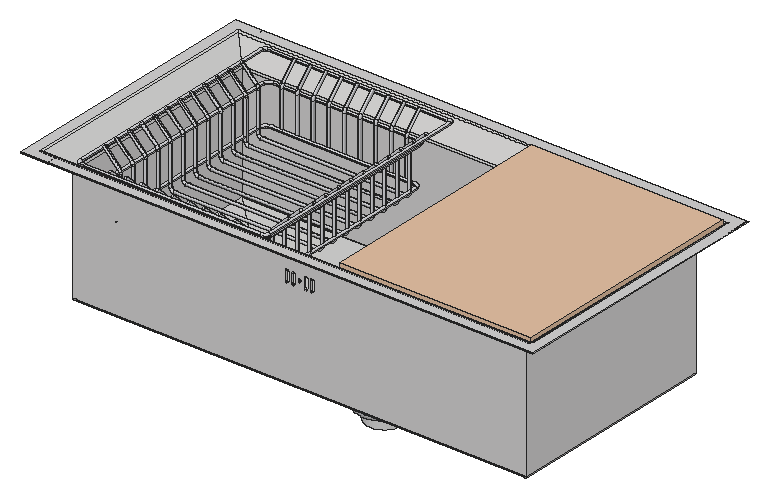
Revit family "Sink-Undermount-Kitchen-KOHLER-POISE-K-3880T", category Plumbing Fixtures, host Face, Revit 2017 (continued)
Definition of nested family "K-3880T"
  Lines and regions (mm)
    symbolic lines, detail levels medium+fine
      curve 100: spline (-339.487, 137.496, 0) -> (-339.439, 136.979, 0) -> (-339.298, 136.497, 0) -> (-339.074, 136.083, 0) -> (-338.781, 135.766, 0) -> (-338.44, 135.566, 0) -> (-338.075, 135.498, 0) -> (-337.709, 135.566, 0) -> (-337.369, 135.766, 0) -> (-337.076, 136.083, 0) -> (-336.852, 136.497, 0) -> (-336.711, 136.979, 0) -> (-336.662, 137.496, 0)
      curve 101: spline (-336.662, 137.496, 0) -> (-336.711, 138.013, 0) -> (-336.852, 138.494, 0) -> (-337.076, 138.908, 0) -> (-337.369, 139.226, 0) -> (-337.709, 139.425, 0) -> (-338.075, 139.493, 0) -> (-338.44, 139.425, 0) -> (-338.781, 139.226, 0) -> (-339.074, 138.908, 0) -> (-339.298, 138.494, 0) -> (-339.439, 138.013, 0) -> (-339.487, 137.496, 0)
      curve 102: spline (-336.662, 112.496, 0) -> (-336.711, 113.013, 0) -> (-336.852, 113.494, 0) -> (-337.076, 113.908, 0) -> (-337.369, 114.226, 0) -> (-337.709, 114.425, 0) -> (-338.075, 114.493, 0) -> (-338.44, 114.425, 0) -> (-338.781, 114.226, 0) -> (-339.074, 113.908, 0) -> (-339.298, 113.494, 0) -> (-339.439, 113.013, 0) -> (-339.487, 112.496, 0)
      curve 103: spline (-339.487, 112.496, 0) -> (-339.439, 111.979, 0) -> (-339.298, 111.497, 0) -> (-339.074, 111.083, 0) -> (-338.781, 110.766, 0) -> (-338.44, 110.566, 0) -> (-338.075, 110.498, 0) -> (-337.709, 110.566, 0) -> (-337.369, 110.766, 0) -> (-337.076, 111.083, 0) -> (-336.852, 111.497, 0) -> (-336.711, 111.979, 0) -> (-336.662, 112.496, 0)
      curve 104: spline (-336.662, 87.496, 0) -> (-336.711, 88.013, 0) -> (-336.852, 88.494, 0) -> (-337.076, 88.908, 0) -> (-337.369, 89.226, 0) -> (-337.709, 89.425, 0) -> (-338.075, 89.493, 0) -> (-338.44, 89.425, 0) -> (-338.781, 89.226, 0) -> (-339.074, 88.908, 0) -> (-339.298, 88.494, 0) -> (-339.439, 88.013, 0) -> (-339.487, 87.496, 0)
      curve 105: spline (-339.487, 87.496, 0) -> (-339.439, 86.979, 0) -> (-339.298, 86.497, 0) -> (-339.074, 86.083, 0) -> (-338.781, 85.766, 0) -> (-338.44, 85.566, 0) -> (-338.075, 85.498, 0) -> (-337.709, 85.566, 0) -> (-337.369, 85.766, 0) -> (-337.076, 86.083, 0) -> (-336.852, 86.497, 0) -> (-336.711, 86.979, 0) -> (-336.662, 87.496, 0)
      curve 106: spline (-336.662, 62.496, 0) -> (-336.711, 63.013, 0) -> (-336.852, 63.494, 0) -> (-337.076, 63.908, 0) -> (-337.369, 64.226, 0) -> (-337.709, 64.425, 0) -> (-338.075, 64.493, 0) -> (-338.44, 64.425, 0) -> (-338.781, 64.226, 0) -> (-339.074, 63.908, 0) -> (-339.298, 63.494, 0) -> (-339.439, 63.013, 0) -> (-339.487, 62.496, 0)
      curve 107: spline (-339.487, 62.496, 0) -> (-339.439, 61.979, 0) -> (-339.298, 61.497, 0) -> (-339.074, 61.083, 0) -> (-338.781, 60.766, 0) -> (-338.44, 60.566, 0) -> (-338.075, 60.498, 0) -> (-337.709, 60.566, 0) -> (-337.369, 60.766, 0) -> (-337.076, 61.083, 0) -> (-336.852, 61.497, 0) -> (-336.711, 61.979, 0) -> (-336.662, 62.496, 0)
      curve 108: spline (-336.662, 37.496, 0) -> (-336.711, 38.013, 0) -> (-336.852, 38.494, 0) -> (-337.076, 38.908, 0) -> (-337.369, 39.226, 0) -> (-337.709, 39.425, 0) -> (-338.075, 39.493, 0) -> (-338.44, 39.425, 0) -> (-338.781, 39.226, 0) -> (-339.074, 38.908, 0) -> (-339.298, 38.494, 0) -> (-339.439, 38.013, 0) -> (-339.487, 37.496, 0)
      curve 109: spline (-339.487, 37.496, 0) -> (-339.439, 36.979, 0) -> (-339.298, 36.497, 0) -> (-339.074, 36.083, 0) -> (-338.781, 35.766, 0) -> (-338.44, 35.566, 0) -> (-338.075, 35.498, 0) -> (-337.709, 35.566, 0) -> (-337.369, 35.766, 0) -> (-337.076, 36.083, 0) -> (-336.852, 36.497, 0) -> (-336.711, 36.979, 0) -> (-336.662, 37.496, 0)
      curve 110: spline (-339.487, 12.496, 0) -> (-339.439, 11.979, 0) -> (-339.298, 11.497, 0) -> (-339.074, 11.083, 0) -> (-338.781, 10.766, 0) -> (-338.44, 10.566, 0) -> (-338.075, 10.498, 0) -> (-337.709, 10.566, 0) -> (-337.369, 10.766, 0) -> (-337.076, 11.083, 0) -> (-336.852, 11.497, 0) -> (-336.711, 11.979, 0) -> (-336.662, 12.496, 0)
      curve 111: spline (-336.662, 12.496, 0) -> (-336.711, 13.013, 0) -> (-336.852, 13.494, 0) -> (-337.076, 13.908, 0) -> (-337.369, 14.226, 0) -> (-337.709, 14.425, 0) -> (-338.075, 14.493, 0) -> (-338.44, 14.425, 0) -> (-338.781, 14.226, 0) -> (-339.074, 13.908, 0) -> (-339.298, 13.494, 0) -> (-339.439, 13.013, 0) -> (-339.487, 12.496, 0)
      curve 112: spline (-336.662, -12.504, 0) -> (-336.711, -11.987, 0) -> (-336.852, -11.506, 0) -> (-337.076, -11.092, 0) -> (-337.369, -10.774, 0) -> (-337.709, -10.575, 0) -> (-338.075, -10.507, 0) -> (-338.44, -10.575, 0) -> (-338.781, -10.774, 0) -> (-339.074, -11.092, 0) -> (-339.298, -11.506, 0) -> (-339.439, -11.987, 0) -> (-339.487, -12.504, 0)
      curve 113: spline (-339.487, -12.504, 0) -> (-339.439, -13.021, 0) -> (-339.298, -13.503, 0) -> (-339.074, -13.917, 0) -> (-338.781, -14.234, 0) -> (-338.44, -14.434, 0) -> (-338.075, -14.502, 0) -> (-337.709, -14.434, 0) -> (-337.369, -14.234, 0) -> (-337.076, -13.917, 0) -> (-336.852, -13.503, 0) -> (-336.711, -13.021, 0) -> (-336.662, -12.504, 0)
      curve 114: spline (-336.662, -37.504, 0) -> (-336.711, -36.987, 0) -> (-336.852, -36.506, 0) -> (-337.076, -36.092, 0) -> (-337.369, -35.774, 0) -> (-337.709, -35.575, 0) -> (-338.075, -35.507, 0) -> (-338.44, -35.575, 0) -> (-338.781, -35.774, 0) -> (-339.074, -36.092, 0) -> (-339.298, -36.506, 0) -> (-339.439, -36.987, 0) -> (-339.487, -37.504, 0)
      curve 115: spline (-339.487, -37.504, 0) -> (-339.439, -38.021, 0) -> (-339.298, -38.503, 0) -> (-339.074, -38.917, 0) -> (-338.781, -39.234, 0) -> (-338.44, -39.434, 0) -> (-338.075, -39.502, 0) -> (-337.709, -39.434, 0) -> (-337.369, -39.234, 0) -> (-337.076, -38.917, 0) -> (-336.852, -38.503, 0) -> (-336.711, -38.021, 0) -> (-336.662, -37.504, 0)
      curve 116: spline (-336.662, -62.504, 0) -> (-336.711, -61.987, 0) -> (-336.852, -61.506, 0) -> (-337.076, -61.092, 0) -> (-337.369, -60.774, 0) -> (-337.709, -60.575, 0) -> (-338.075, -60.507, 0) -> (-338.44, -60.575, 0) -> (-338.781, -60.774, 0) -> (-339.074, -61.092, 0) -> (-339.298, -61.506, 0) -> (-339.439, -61.987, 0) -> (-339.487, -62.504, 0)
      curve 117: spline (-339.487, -62.504, 0) -> (-339.439, -63.021, 0) -> (-339.298, -63.503, 0) -> (-339.074, -63.917, 0) -> (-338.781, -64.234, 0) -> (-338.44, -64.434, 0) -> (-338.075, -64.502, 0) -> (-337.709, -64.434, 0) -> (-337.369, -64.234, 0) -> (-337.076, -63.917, 0) -> (-336.852, -63.503, 0) -> (-336.711, -63.021, 0) -> (-336.662, -62.504, 0)
      curve 118: spline (-336.662, -87.504, 0) -> (-336.711, -86.987, 0) -> (-336.852, -86.506, 0) -> (-337.076, -86.092, 0) -> (-337.369, -85.774, 0) -> (-337.709, -85.575, 0) -> (-338.075, -85.507, 0) -> (-338.44, -85.575, 0) -> (-338.781, -85.774, 0) -> (-339.074, -86.092, 0) -> (-339.298, -86.506, 0) -> (-339.439, -86.987, 0) -> (-339.487, -87.504, 0)
      curve 119: spline (-339.487, -87.504, 0) -> (-339.439, -88.021, 0) -> (-339.298, -88.503, 0) -> (-339.074, -88.917, 0) -> (-338.781, -89.234, 0) -> (-338.44, -89.434, 0) -> (-338.075, -89.502, 0) -> (-337.709, -89.434, 0) -> (-337.369, -89.234, 0) -> (-337.076, -88.917, 0) -> (-336.852, -88.503, 0) -> (-336.711, -88.021, 0) -> (-336.662, -87.504, 0)
      curve 120: spline (-336.662, -112.504, 0) -> (-336.711, -111.987, 0) -> (-336.852, -111.506, 0) -> (-337.076, -111.092, 0) -> (-337.369, -110.774, 0) -> (-337.709, -110.575, 0) -> (-338.075, -110.507, 0) -> (-338.44, -110.575, 0) -> (-338.781, -110.774, 0) -> (-339.074, -111.092, 0) -> (-339.298, -111.506, 0) -> (-339.439, -111.987, 0) -> (-339.487, -112.504, 0)
      curve 121: spline (-339.487, -112.504, 0) -> (-339.439, -113.021, 0) -> (-339.298, -113.503, 0) -> (-339.074, -113.917, 0) -> (-338.781, -114.234, 0) -> (-338.44, -114.434, 0) -> (-338.075, -114.502, 0) -> (-337.709, -114.434, 0) -> (-337.369, -114.234, 0) -> (-337.076, -113.917, 0) -> (-336.852, -113.503, 0) -> (-336.711, -113.021, 0) -> (-336.662, -112.504, 0)
      curve 122: spline (-336.662, -137.504, 0) -> (-336.711, -136.987, 0) -> (-336.852, -136.506, 0) -> (-337.076, -136.092, 0) -> (-337.369, -135.774, 0) -> (-337.709, -135.575, 0) -> (-338.075, -135.507, 0) -> (-338.44, -135.575, 0) -> (-338.781, -135.774, 0) -> (-339.074, -136.092, 0) -> (-339.298, -136.506, 0) -> (-339.439, -136.987, 0) -> (-339.487, -137.504, 0)
      curve 123: spline (-339.487, -137.504, 0) -> (-339.439, -138.021, 0) -> (-339.298, -138.503, 0) -> (-339.074, -138.917, 0) -> (-338.781, -139.234, 0) -> (-338.44, -139.434, 0) -> (-338.075, -139.502, 0) -> (-337.709, -139.434, 0) -> (-337.369, -139.234, 0) -> (-337.076, -138.917, 0) -> (-336.852, -138.503, 0) -> (-336.711, -138.021, 0) -> (-336.662, -137.504, 0)
      curve 124: spline (-41.513, 137.496, 0) -> (-41.561, 138.013, 0) -> (-41.702, 138.494, 0) -> (-41.926, 138.908, 0) -> (-42.219, 139.226, 0) -> (-42.56, 139.425, 0) -> (-42.925, 139.493, 0) -> (-43.291, 139.425, 0) -> (-43.631, 139.226, 0) -> (-43.924, 138.908, 0) -> (-44.148, 138.494, 0) -> (-44.289, 138.013, 0) -> (-44.338, 137.496, 0)
      curve 125: spline (-44.338, 137.496, 0) -> (-44.289, 136.979, 0) -> (-44.148, 136.497, 0) -> (-43.924, 136.083, 0) -> (-43.631, 135.766, 0) -> (-43.291, 135.566, 0) -> (-42.925, 135.498, 0) -> (-42.56, 135.566, 0) -> (-42.219, 135.766, 0) -> (-41.926, 136.083, 0) -> (-41.702, 136.497, 0) -> (-41.561, 136.979, 0) -> (-41.513, 137.496, 0)
      curve 126: spline (-41.513, 112.496, 0) -> (-41.561, 113.013, 0) -> (-41.702, 113.494, 0) -> (-41.926, 113.908, 0) -> (-42.219, 114.226, 0) -> (-42.56, 114.425, 0) -> (-42.925, 114.493, 0) -> (-43.291, 114.425, 0) -> (-43.631, 114.226, 0) -> (-43.924, 113.908, 0) -> (-44.148, 113.494, 0) -> (-44.289, 113.013, 0) -> (-44.338, 112.496, 0)
      curve 127: spline (-44.338, 112.496, 0) -> (-44.289, 111.979, 0) -> (-44.148, 111.497, 0) -> (-43.924, 111.083, 0) -> (-43.631, 110.766, 0) -> (-43.291, 110.566, 0) -> (-42.925, 110.498, 0) -> (-42.56, 110.566, 0) -> (-42.219, 110.766, 0) -> (-41.926, 111.083, 0) -> (-41.702, 111.497, 0) -> (-41.561, 111.979, 0) -> (-41.513, 112.496, 0)
      curve 128: spline (-41.513, 87.496, 0) -> (-41.561, 88.013, 0) -> (-41.702, 88.494, 0) -> (-41.926, 88.908, 0) -> (-42.219, 89.226, 0) -> (-42.56, 89.425, 0) -> (-42.925, 89.493, 0) -> (-43.291, 89.425, 0) -> (-43.631, 89.226, 0) -> (-43.924, 88.908, 0) -> (-44.148, 88.494, 0) -> (-44.289, 88.013, 0) -> (-44.338, 87.496, 0)
      curve 129: spline (-44.338, 87.496, 0) -> (-44.289, 86.979, 0) -> (-44.148, 86.497, 0) -> (-43.924, 86.083, 0) -> (-43.631, 85.766, 0) -> (-43.291, 85.566, 0) -> (-42.925, 85.498, 0) -> (-42.56, 85.566, 0) -> (-42.219, 85.766, 0) -> (-41.926, 86.083, 0) -> (-41.702, 86.497, 0) -> (-41.561, 86.979, 0) -> (-41.513, 87.496, 0)
      curve 130: spline (-41.513, 62.496, 0) -> (-41.561, 63.013, 0) -> (-41.702, 63.494, 0) -> (-41.926, 63.908, 0) -> (-42.219, 64.226, 0) -> (-42.56, 64.425, 0) -> (-42.925, 64.493, 0) -> (-43.291, 64.425, 0) -> (-43.631, 64.226, 0) -> (-43.924, 63.908, 0) -> (-44.148, 63.494, 0) -> (-44.289, 63.013, 0) -> (-44.338, 62.496, 0)
      curve 131: spline (-44.338, 62.496, 0) -> (-44.289, 61.979, 0) -> (-44.148, 61.497, 0) -> (-43.924, 61.083, 0) -> (-43.631, 60.766, 0) -> (-43.291, 60.566, 0) -> (-42.925, 60.498, 0) -> (-42.56, 60.566, 0) -> (-42.219, 60.766, 0) -> (-41.926, 61.083, 0) -> (-41.702, 61.497, 0) -> (-41.561, 61.979, 0) -> (-41.513, 62.496, 0)
      curve 132: spline (-41.513, 37.496, 0) -> (-41.561, 38.013, 0) -> (-41.702, 38.494, 0) -> (-41.926, 38.908, 0) -> (-42.219, 39.226, 0) -> (-42.56, 39.425, 0) -> (-42.925, 39.493, 0) -> (-43.291, 39.425, 0) -> (-43.631, 39.226, 0) -> (-43.924, 38.908, 0) -> (-44.148, 38.494, 0) -> (-44.289, 38.013, 0) -> (-44.338, 37.496, 0)
      curve 133: spline (-44.338, 37.496, 0) -> (-44.289, 36.979, 0) -> (-44.148, 36.497, 0) -> (-43.924, 36.083, 0) -> (-43.631, 35.766, 0) -> (-43.291, 35.566, 0) -> (-42.925, 35.498, 0) -> (-42.56, 35.566, 0) -> (-42.219, 35.766, 0) -> (-41.926, 36.083, 0) -> (-41.702, 36.497, 0) -> (-41.561, 36.979, 0) -> (-41.513, 37.496, 0)
      curve 134: spline (-41.513, 12.496, 0) -> (-41.561, 13.013, 0) -> (-41.702, 13.494, 0) -> (-41.926, 13.908, 0) -> (-42.219, 14.226, 0) -> (-42.56, 14.425, 0) -> (-42.925, 14.493, 0) -> (-43.291, 14.425, 0) -> (-43.631, 14.226, 0) -> (-43.924, 13.908, 0) -> (-44.148, 13.494, 0) -> (-44.289, 13.013, 0) -> (-44.338, 12.496, 0)
      curve 135: spline (-44.338, 12.496, 0) -> (-44.289, 11.979, 0) -> (-44.148, 11.497, 0) -> (-43.924, 11.083, 0) -> (-43.631, 10.766, 0) -> (-43.291, 10.566, 0) -> (-42.925, 10.498, 0) -> (-42.56, 10.566, 0) -> (-42.219, 10.766, 0) -> (-41.926, 11.083, 0) -> (-41.702, 11.497, 0) -> (-41.561, 11.979, 0) -> (-41.513, 12.496, 0)
      curve 136: spline (-41.513, -12.504, 0) -> (-41.561, -11.987, 0) -> (-41.702, -11.506, 0) -> (-41.926, -11.092, 0) -> (-42.219, -10.774, 0) -> (-42.56, -10.575, 0) -> (-42.925, -10.507, 0) -> (-43.291, -10.575, 0) -> (-43.631, -10.774, 0) -> (-43.924, -11.092, 0) -> (-44.148, -11.506, 0) -> (-44.289, -11.987, 0) -> (-44.338, -12.504, 0)
      curve 137: spline (-44.338, -12.504, 0) -> (-44.289, -13.021, 0) -> (-44.148, -13.503, 0) -> (-43.924, -13.917, 0) -> (-43.631, -14.234, 0) -> (-43.291, -14.434, 0) -> (-42.925, -14.502, 0) -> (-42.56, -14.434, 0) -> (-42.219, -14.234, 0) -> (-41.926, -13.917, 0) -> (-41.702, -13.503, 0) -> (-41.561, -13.021, 0) -> (-41.513, -12.504, 0)
      curve 138: spline (-41.513, -37.504, 0) -> (-41.561, -36.987, 0) -> (-41.702, -36.506, 0) -> (-41.926, -36.092, 0) -> (-42.219, -35.774, 0) -> (-42.56, -35.575, 0) -> (-42.925, -35.507, 0) -> (-43.291, -35.575, 0) -> (-43.631, -35.774, 0) -> (-43.924, -36.092, 0) -> (-44.148, -36.506, 0) -> (-44.289, -36.987, 0) -> (-44.338, -37.504, 0)
      curve 139: spline (-44.338, -37.504, 0) -> (-44.289, -38.021, 0) -> (-44.148, -38.503, 0) -> (-43.924, -38.917, 0) -> (-43.631, -39.234, 0) -> (-43.291, -39.434, 0) -> (-42.925, -39.502, 0) -> (-42.56, -39.434, 0) -> (-42.219, -39.234, 0) -> (-41.926, -38.917, 0) -> (-41.702, -38.503, 0) -> (-41.561, -38.021, 0) -> (-41.513, -37.504, 0)
      curve 140: spline (-41.513, -62.504, 0) -> (-41.561, -61.987, 0) -> (-41.702, -61.506, 0) -> (-41.926, -61.092, 0) -> (-42.219, -60.774, 0) -> (-42.56, -60.575, 0) -> (-42.925, -60.507, 0) -> (-43.291, -60.575, 0) -> (-43.631, -60.774, 0) -> (-43.924, -61.092, 0) -> (-44.148, -61.506, 0) -> (-44.289, -61.987, 0) -> (-44.338, -62.504, 0)
      curve 141: spline (-44.338, -62.504, 0) -> (-44.289, -63.021, 0) -> (-44.148, -63.503, 0) -> (-43.924, -63.917, 0) -> (-43.631, -64.234, 0) -> (-43.291, -64.434, 0) -> (-42.925, -64.502, 0) -> (-42.56, -64.434, 0) -> (-42.219, -64.234, 0) -> (-41.926, -63.917, 0) -> (-41.702, -63.503, 0) -> (-41.561, -63.021, 0) -> (-41.513, -62.504, 0)
      curve 142: spline (-44.338, -87.504, 0) -> (-44.289, -88.021, 0) -> (-44.148, -88.503, 0) -> (-43.924, -88.917, 0) -> (-43.631, -89.234, 0) -> (-43.291, -89.434, 0) -> (-42.925, -89.502, 0) -> (-42.56, -89.434, 0) -> (-42.219, -89.234, 0) -> (-41.926, -88.917, 0) -> (-41.702, -88.503, 0) -> (-41.561, -88.021, 0) -> (-41.513, -87.504, 0)
      curve 143: spline (-41.513, -87.504, 0) -> (-41.561, -86.987, 0) -> (-41.702, -86.506, 0) -> (-41.926, -86.092, 0) -> (-42.219, -85.774, 0) -> (-42.56, -85.575, 0) -> (-42.925, -85.507, 0) -> (-43.291, -85.575, 0) -> (-43.631, -85.774, 0) -> (-43.924, -86.092, 0) -> (-44.148, -86.506, 0) -> (-44.289, -86.987, 0) -> (-44.338, -87.504, 0)
      curve 144: spline (-41.513, -112.504, 0) -> (-41.561, -111.987, 0) -> (-41.702, -111.506, 0) -> (-41.926, -111.092, 0) -> (-42.219, -110.774, 0) -> (-42.56, -110.575, 0) -> (-42.925, -110.507, 0) -> (-43.291, -110.575, 0) -> (-43.631, -110.774, 0) -> (-43.924, -111.092, 0) -> (-44.148, -111.506, 0) -> (-44.289, -111.987, 0) -> (-44.338, -112.504, 0)
      curve 145: spline (-44.338, -112.504, 0) -> (-44.289, -113.021, 0) -> (-44.148, -113.503, 0) -> (-43.924, -113.917, 0) -> (-43.631, -114.234, 0) -> (-43.291, -114.434, 0) -> (-42.925, -114.502, 0) -> (-42.56, -114.434, 0) -> (-42.219, -114.234, 0) -> (-41.926, -113.917, 0) -> (-41.702, -113.503, 0) -> (-41.561, -113.021, 0) -> (-41.513, -112.504, 0)
      curve 146: spline (-41.513, -137.504, 0) -> (-41.561, -136.987, 0) -> (-41.702, -136.506, 0) -> (-41.926, -136.092, 0) -> (-42.219, -135.774, 0) -> (-42.56, -135.575, 0) -> (-42.925, -135.507, 0) -> (-43.291, -135.575, 0) -> (-43.631, -135.774, 0) -> (-43.924, -136.092, 0) -> (-44.148, -136.506, 0) -> (-44.289, -136.987, 0) -> (-44.338, -137.504, 0)
      curve 147: spline (-44.338, -137.504, 0) -> (-44.289, -138.021, 0) -> (-44.148, -138.503, 0) -> (-43.924, -138.917, 0) -> (-43.631, -139.234, 0) -> (-43.291, -139.434, 0) -> (-42.925, -139.502, 0) -> (-42.56, -139.434, 0) -> (-42.219, -139.234, 0) -> (-41.926, -138.917, 0) -> (-41.702, -138.503, 0) -> (-41.561, -138.021, 0) -> (-41.513, -137.504, 0)
      curve 148: spline (-90.527, -182.767, 0) -> (-91.047, -182.816, 0) -> (-91.532, -182.958, 0) -> (-91.948, -183.184, 0) -> (-92.267, -183.478, 0) -> (-92.468, -183.821, 0) -> (-92.537, -184.189, 0) -> (-92.468, -184.556, 0) -> (-92.267, -184.899, 0) -> (-91.948, -185.194, 0) -> (-91.532, -185.419, 0) -> (-91.047, -185.561, 0) -> (-90.527, -185.61, 0)
      curve 149: spline (-90.527, -185.61, 0) -> (-90.006, -185.561, 0) -> (-89.522, -185.419, 0) -> (-89.105, -185.194, 0) -> (-88.786, -184.899, 0) -> (-88.585, -184.556, 0) -> (-88.517, -184.189, 0) -> (-88.585, -183.821, 0) -> (-88.786, -183.478, 0) -> (-89.105, -183.184, 0) -> (-89.522, -182.958, 0) -> (-90.006, -182.816, 0) -> (-90.527, -182.767, 0)
      curve 150: spline (-115.527, -182.767, 0) -> (-116.047, -182.816, 0) -> (-116.532, -182.958, 0) -> (-116.948, -183.184, 0) -> (-117.267, -183.478, 0) -> (-117.468, -183.821, 0) -> (-117.537, -184.189, 0) -> (-117.468, -184.556, 0) -> (-117.267, -184.899, 0) -> (-116.948, -185.194, 0) -> (-116.532, -185.419, 0) -> (-116.047, -185.561, 0) -> (-115.527, -185.61, 0)
      curve 151: spline (-115.527, -185.61, 0) -> (-115.006, -185.561, 0) -> (-114.522, -185.419, 0) -> (-114.105, -185.194, 0) -> (-113.786, -184.899, 0) -> (-113.585, -184.556, 0) -> (-113.517, -184.189, 0) -> (-113.585, -183.821, 0) -> (-113.786, -183.478, 0) -> (-114.105, -183.184, 0) -> (-114.522, -182.958, 0) -> (-115.006, -182.816, 0) -> (-115.527, -182.767, 0)
      curve 152: spline (-140.527, -182.767, 0) -> (-141.047, -182.816, 0) -> (-141.532, -182.958, 0) -> (-141.948, -183.184, 0) -> (-142.267, -183.478, 0) -> (-142.468, -183.821, 0) -> (-142.537, -184.189, 0) -> (-142.468, -184.556, 0) -> (-142.267, -184.899, 0) -> (-141.948, -185.194, 0) -> (-141.532, -185.419, 0) -> (-141.047, -185.561, 0) -> (-140.527, -185.61, 0)
      curve 153: spline (-140.527, -185.61, 0) -> (-140.006, -185.561, 0) -> (-139.522, -185.419, 0) -> (-139.105, -185.194, 0) -> (-138.786, -184.899, 0) -> (-138.585, -184.556, 0) -> (-138.517, -184.189, 0) -> (-138.585, -183.821, 0) -> (-138.786, -183.478, 0) -> (-139.105, -183.184, 0) -> (-139.522, -182.958, 0) -> (-140.006, -182.816, 0) -> (-140.527, -182.767, 0)
      curve 154: spline (-165.527, -185.61, 0) -> (-165.006, -185.561, 0) -> (-164.522, -185.419, 0) -> (-164.105, -185.194, 0) -> (-163.786, -184.899, 0) -> (-163.585, -184.556, 0) -> (-163.517, -184.189, 0) -> (-163.585, -183.821, 0) -> (-163.786, -183.478, 0) -> (-164.105, -183.184, 0) -> (-164.522, -182.958, 0) -> (-165.006, -182.816, 0) -> (-165.527, -182.767, 0)
      curve 155: spline (-165.527, -182.767, 0) -> (-166.047, -182.816, 0) -> (-166.532, -182.958, 0) -> (-166.948, -183.184, 0) -> (-167.267, -183.478, 0) -> (-167.468, -183.821, 0) -> (-167.537, -184.189, 0) -> (-167.468, -184.556, 0) -> (-167.267, -184.899, 0) -> (-166.948, -185.194, 0) -> (-166.532, -185.419, 0) -> (-166.047, -185.561, 0) -> (-165.527, -185.61, 0)
      curve 156: spline (-190.527, -182.767, 0) -> (-191.047, -182.816, 0) -> (-191.532, -182.958, 0) -> (-191.948, -183.184, 0) -> (-192.267, -183.478, 0) -> (-192.468, -183.821, 0) -> (-192.537, -184.189, 0) -> (-192.468, -184.556, 0) -> (-192.267, -184.899, 0) -> (-191.948, -185.194, 0) -> (-191.532, -185.419, 0) -> (-191.047, -185.561, 0) -> (-190.527, -185.61, 0)
      curve 157: spline (-190.527, -185.61, 0) -> (-190.006, -185.561, 0) -> (-189.522, -185.419, 0) -> (-189.105, -185.194, 0) -> (-188.786, -184.899, 0) -> (-188.585, -184.556, 0) -> (-188.517, -184.189, 0) -> (-188.585, -183.821, 0) -> (-188.786, -183.478, 0) -> (-189.105, -183.184, 0) -> (-189.522, -182.958, 0) -> (-190.006, -182.816, 0) -> (-190.527, -182.767, 0)
      curve 158: spline (-215.527, -185.61, 0) -> (-215.006, -185.561, 0) -> (-214.522, -185.419, 0) -> (-214.105, -185.194, 0) -> (-213.786, -184.899, 0) -> (-213.585, -184.556, 0) -> (-213.517, -184.189, 0) -> (-213.585, -183.821, 0) -> (-213.786, -183.478, 0) -> (-214.105, -183.184, 0) -> (-214.522, -182.958, 0) -> (-215.006, -182.816, 0) -> (-215.527, -182.767, 0)
      curve 159: spline (-215.527, -182.767, 0) -> (-216.047, -182.816, 0) -> (-216.532, -182.958, 0) -> (-216.948, -183.184, 0) -> (-217.267, -183.478, 0) -> (-217.468, -183.821, 0) -> (-217.537, -184.189, 0) -> (-217.468, -184.556, 0) -> (-217.267, -184.899, 0) -> (-216.948, -185.194, 0) -> (-216.532, -185.419, 0) -> (-216.047, -185.561, 0) -> (-215.527, -185.61, 0)
      curve 160: spline (-240.527, -182.767, 0) -> (-241.047, -182.816, 0) -> (-241.532, -182.958, 0) -> (-241.948, -183.184, 0) -> (-242.267, -183.478, 0) -> (-242.468, -183.821, 0) -> (-242.537, -184.189, 0) -> (-242.468, -184.556, 0) -> (-242.267, -184.899, 0) -> (-241.948, -185.194, 0) -> (-241.532, -185.419, 0) -> (-241.047, -185.561, 0) -> (-240.527, -185.61, 0)
      curve 161: spline (-240.527, -185.61, 0) -> (-240.006, -185.561, 0) -> (-239.522, -185.419, 0) -> (-239.105, -185.194, 0) -> (-238.786, -184.899, 0) -> (-238.585, -184.556, 0) -> (-238.517, -184.189, 0) -> (-238.585, -183.821, 0) -> (-238.786, -183.478, 0) -> (-239.105, -183.184, 0) -> (-239.522, -182.958, 0) -> (-240.006, -182.816, 0) -> (-240.527, -182.767, 0)
      curve 162: spline (-265.527, -182.767, 0) -> (-266.047, -182.816, 0) -> (-266.532, -182.958, 0) -> (-266.948, -183.184, 0) -> (-267.267, -183.478, 0) -> (-267.468, -183.821, 0) -> (-267.537, -184.189, 0) -> (-267.468, -184.556, 0) -> (-267.267, -184.899, 0) -> (-266.948, -185.194, 0) -> (-266.532, -185.419, 0) -> (-266.047, -185.561, 0) -> (-265.527, -185.61, 0)
      curve 163: spline (-265.527, -185.61, 0) -> (-265.006, -185.561, 0) -> (-264.522, -185.419, 0) -> (-264.105, -185.194, 0) -> (-263.786, -184.899, 0) -> (-263.585, -184.556, 0) -> (-263.517, -184.189, 0) -> (-263.585, -183.821, 0) -> (-263.786, -183.478, 0) -> (-264.105, -183.184, 0) -> (-264.522, -182.958, 0) -> (-265.006, -182.816, 0) -> (-265.527, -182.767, 0)
      curve 164: spline (-290.448, -182.767, 0) -> (-290.969, -182.816, 0) -> (-291.453, -182.958, 0) -> (-291.87, -183.184, 0) -> (-292.189, -183.478, 0) -> (-292.39, -183.821, 0) -> (-292.458, -184.189, 0) -> (-292.39, -184.556, 0) -> (-292.189, -184.899, 0) -> (-291.87, -185.194, 0) -> (-291.453, -185.419, 0) -> (-290.969, -185.561, 0) -> (-290.448, -185.61, 0)
      curve 165: spline (-290.448, -185.61, 0) -> (-289.928, -185.561, 0) -> (-289.444, -185.419, 0) -> (-289.027, -185.194, 0) -> (-288.708, -184.899, 0) -> (-288.507, -184.556, 0) -> (-288.439, -184.189, 0) -> (-288.507, -183.821, 0) -> (-288.708, -183.478, 0) -> (-289.027, -183.184, 0) -> (-289.444, -182.958, 0) -> (-289.928, -182.816, 0) -> (-290.448, -182.767, 0)
      curve 166: arc (-288.439, -157.74, 0) -> (-290.448, -155.73, 0) -> (-292.458, -157.74, 0) r 2.01
      curve 167: arc (-263.517, -157.667, 0) -> (-265.562, -155.73, 0) -> (-267.535, -157.74, 0) r 2.01
      curve 168: arc (-238.517, -157.667, 0) -> (-240.562, -155.73, 0) -> (-242.535, -157.74, 0) r 2.01
      curve 169: arc (-213.517, -157.74, 0) -> (-215.527, -155.73, 0) -> (-217.537, -157.74, 0) r 2.01
      curve 170: arc (-188.517, -157.74, 0) -> (-190.527, -155.73, 0) -> (-192.537, -157.74, 0) r 2.01
      curve 171: arc (-163.517, -157.74, 0) -> (-165.527, -155.73, 0) -> (-167.537, -157.74, 0) r 2.01
      curve 172: arc (-138.517, -157.74, 0) -> (-140.527, -155.73, 0) -> (-142.537, -157.74, 0) r 2.01
      curve 173: arc (-113.517, -157.74, 0) -> (-115.527, -155.73, 0) -> (-117.537, -157.74, 0) r 2.01
      curve 174: arc (-88.517, -157.74, 0) -> (-90.527, -155.73, 0) -> (-92.537, -157.74, 0) r 2.01
      curve 175: arc (-292.458, 157.74, 0) -> (-290.448, 155.73, 0) -> (-288.439, 157.74, 0) r 2.01
      curve 176: arc (-267.537, 157.74, 0) -> (-265.527, 155.73, 0) -> (-263.517, 157.74, 0) r 2.01
      curve 177: arc (-242.537, 157.74, 0) -> (-240.527, 155.73, 0) -> (-238.517, 157.74, 0) r 2.01
      curve 178: arc (-217.537, 157.74, 0) -> (-215.527, 155.73, 0) -> (-213.517, 157.74, 0) r 2.01
      curve 179: arc (-192.537, 157.74, 0) -> (-190.527, 155.73, 0) -> (-188.517, 157.74, 0) r 2.01
      curve 180: arc (-167.537, 157.74, 0) -> (-165.527, 155.73, 0) -> (-163.517, 157.74, 0) r 2.01
      curve 181: arc (-142.537, 157.74, 0) -> (-140.527, 155.73, 0) -> (-138.517, 157.74, 0) r 2.01
      curve 182: arc (-117.537, 157.74, 0) -> (-115.527, 155.73, 0) -> (-113.517, 157.74, 0) r 2.01
      curve 183: arc (-92.537, 157.74, 0) -> (-90.527, 155.73, 0) -> (-88.517, 157.74, 0) r 2.01
      curve 184: line (-288.817, 185.019, 0) -> (-267.158, 185.019, 0)
      curve 185: line (-263.896, 185.019, 0) -> (-242.158, 185.019, 0)
      curve 186: line (-238.896, 185.019, 0) -> (-217.158, 185.019, 0)
      curve 187: line (-213.896, 185.019, 0) -> (-192.158, 185.019, 0)
      curve 188: line (-188.896, 185.019, 0) -> (-167.158, 185.019, 0)
      curve 189: line (-163.896, 185.019, 0) -> (-142.158, 185.019, 0)
      curve 190: line (-138.896, 185.019, 0) -> (-117.158, 185.019, 0)
      curve 191: line (-113.896, 185.019, 0) -> (-92.158, 185.019, 0)
      curve 192: line (-88.896, 185.019, 0) -> (-46.024, 185.019, 0)
      curve 193: line (-292.069, -185.029, 0) -> (-334.838, -185.029, 0)
      curve 194: line (-267.147, -185.029, 0) -> (-288.828, -185.029, 0)
      curve 195: line (-242.147, -185.029, 0) -> (-263.906, -185.029, 0)
      curve 196: line (-217.147, -185.029, 0) -> (-238.906, -185.029, 0)
      curve 197: line (-192.147, -185.029, 0) -> (-213.906, -185.029, 0)
      curve 198: line (-167.147, -185.029, 0) -> (-188.906, -185.029, 0)
      curve 199: line (-142.147, -185.029, 0) -> (-163.906, -185.029, 0)
      curve 200: line (-117.147, -185.029, 0) -> (-138.906, -185.029, 0)
      curve 201: line (-92.147, -185.029, 0) -> (-113.906, -185.029, 0)
      curve 202: line (-42.108, -139.134, 0) -> (-42.108, -181.094, 0)
      curve 203: line (-42.108, -114.134, 0) -> (-42.108, -135.875, 0)
      curve 204: line (-42.108, -89.134, 0) -> (-42.108, -110.875, 0)
      curve 205: line (-42.108, -64.134, 0) -> (-42.108, -85.875, 0)
      curve 206: line (-42.108, -39.134, 0) -> (-42.108, -60.875, 0)
      curve 207: line (-42.108, -14.134, 0) -> (-42.108, -35.875, 0)
      curve 208: line (-42.108, 10.866, 0) -> (-42.108, -10.875, 0)
      curve 209: line (-42.108, 35.866, 0) -> (-42.108, 14.125, 0)
      curve 210: line (-42.108, 60.866, 0) -> (-42.108, 39.125, 0)
      curve 211: line (-42.108, 85.866, 0) -> (-42.108, 64.125, 0)
      curve 212: line (-42.108, 110.866, 0) -> (-42.108, 89.125, 0)
      curve 213: line (-42.108, 135.866, 0) -> (-42.108, 114.125, 0)
      curve 214: line (-338.903, 139.114, 0) -> (-338.903, 180.872, 0)
      curve 215: line (-338.903, 114.114, 0) -> (-338.903, 135.877, 0)
      curve 216: line (-338.903, 89.114, 0) -> (-338.903, 110.877, 0)
      curve 217: line (-338.903, 64.114, 0) -> (-338.903, 85.877, 0)
      curve 218: line (-338.903, 39.114, 0) -> (-338.903, 60.877, 0)
      curve 219: line (-338.903, 14.114, 0) -> (-338.903, 35.877, 0)
      curve 220: line (-338.903, -10.886, 0) -> (-338.903, 10.877, 0)
      curve 221: line (-338.903, -35.886, 0) -> (-338.903, -14.123, 0)
      curve 222: line (-338.903, -60.886, 0) -> (-338.903, -39.123, 0)
      curve 223: line (-338.903, -85.886, 0) -> (-338.903, -64.123, 0)
      curve 224: line (-338.903, -110.886, 0) -> (-338.903, -89.123, 0)
      curve 225: line (-338.903, -135.886, 0) -> (-338.903, -114.123, 0)
      curve 226: line (-338.075, 139.493, 0) -> (-42.925, 139.493, 0)
      curve 227: line (-338.075, 135.498, 0) -> (-42.925, 135.498, 0)
      curve 228: line (-338.075, 114.493, 0) -> (-42.925, 114.493, 0)
      curve 229: line (-338.075, 110.498, 0) -> (-42.925, 110.498, 0)
      curve 230: line (-338.075, 89.493, 0) -> (-42.925, 89.493, 0)
      curve 231: line (-338.075, 85.498, 0) -> (-42.925, 85.498, 0)
      curve 232: line (-338.075, 64.493, 0) -> (-42.925, 64.493, 0)
      curve 233: line (-338.075, 60.498, 0) -> (-42.925, 60.498, 0)
      curve 234: line (-338.075, 39.493, 0) -> (-42.925, 39.493, 0)
      curve 235: line (-338.075, 35.498, 0) -> (-42.925, 35.498, 0)
      curve 236: line (-338.075, 14.493, 0) -> (-42.925, 14.493, 0)
      curve 237: line (-338.075, 10.498, 0) -> (-42.925, 10.498, 0)
      curve 238: line (-338.075, -10.507, 0) -> (-42.925, -10.507, 0)
      curve 239: line (-338.075, -14.502, 0) -> (-42.925, -14.502, 0)
      curve 240: line (-338.075, -35.507, 0) -> (-42.925, -35.507, 0)
      curve 241: line (-338.075, -39.502, 0) -> (-42.925, -39.502, 0)
      curve 242: line (-338.075, -60.507, 0) -> (-42.925, -60.507, 0)
      curve 243: line (-338.075, -64.502, 0) -> (-42.925, -64.502, 0)
      curve 244: line (-338.075, -85.507, 0) -> (-42.925, -85.507, 0)
      curve 245: line (-338.075, -89.502, 0) -> (-42.925, -89.502, 0)
      curve 246: line (-338.075, -110.507, 0) -> (-42.925, -110.507, 0)
      curve 247: line (-338.075, -114.502, 0) -> (-42.925, -114.502, 0)
      curve 248: line (-338.075, -135.507, 0) -> (-42.925, -135.507, 0)
      curve 249: line (-338.075, -139.502, 0) -> (-42.925, -139.502, 0)
      curve 250: line (-292.458, 184.189, 0) -> (-292.458, 157.74, 0)
      curve 251: line (-288.439, 184.189, 0) -> (-288.439, 157.74, 0)
      curve 252: line (-267.537, 184.189, 0) -> (-267.537, 157.74, 0)
      curve 253: line (-263.517, 184.189, 0) -> (-263.517, 157.74, 0)
      curve 254: line (-242.537, 184.189, 0) -> (-242.537, 157.74, 0)
      curve 255: line (-238.517, 184.189, 0) -> (-238.517, 157.74, 0)
      curve 256: line (-217.537, 184.189, 0) -> (-217.537, 157.74, 0)
      curve 257: line (-213.517, 184.189, 0) -> (-213.517, 157.74, 0)
      curve 258: line (-192.537, 184.189, 0) -> (-192.537, 157.74, 0)
      curve 259: line (-188.517, 184.189, 0) -> (-188.517, 157.74, 0)
      curve 260: line (-167.537, 184.189, 0) -> (-167.537, 157.74, 0)
      curve 261: line (-163.517, 184.189, 0) -> (-163.517, 157.74, 0)
      curve 262: line (-142.537, 184.189, 0) -> (-142.537, 157.74, 0)
      curve 263: line (-138.517, 184.189, 0) -> (-138.517, 157.74, 0)
      curve 264: line (-117.537, 184.189, 0) -> (-117.537, 157.74, 0)
      curve 265: line (-113.517, 184.189, 0) -> (-113.517, 157.74, 0)
      curve 266: line (-92.537, 184.189, 0) -> (-92.537, 157.74, 0)
      curve 267: line (-88.517, 184.189, 0) -> (-88.517, 157.74, 0)
      curve 268: line (-288.439, -184.189, 0) -> (-288.439, -157.74, 0)
      curve 269: line (-292.458, -184.189, 0) -> (-292.458, -157.74, 0)
      curve 270: line (-263.517, -184.189, 0) -> (-263.517, -157.667, 0)
      curve 271: line (-267.537, -184.189, 0) -> (-267.537, -157.74, 0)
      curve 272: line (-238.517, -184.189, 0) -> (-238.517, -157.667, 0)
      curve 273: line (-242.537, -184.189, 0) -> (-242.537, -157.74, 0)
      curve 274: line (-213.517, -184.189, 0) -> (-213.517, -157.74, 0)
      curve 275: line (-217.537, -184.189, 0) -> (-217.537, -157.74, 0)
      curve 276: line (-188.517, -184.189, 0) -> (-188.517, -157.74, 0)
      curve 277: line (-192.537, -184.189, 0) -> (-192.537, -157.74, 0)
      curve 278: line (-163.517, -184.189, 0) -> (-163.517, -157.74, 0)
      curve 279: line (-167.537, -184.189, 0) -> (-167.537, -157.74, 0)
      curve 280: line (-138.517, -184.189, 0) -> (-138.517, -157.74, 0)
      curve 281: line (-142.537, -184.189, 0) -> (-142.537, -157.74, 0)
      curve 282: line (-113.517, -184.189, 0) -> (-113.517, -157.74, 0)
      curve 283: line (-117.537, -184.189, 0) -> (-117.537, -157.74, 0)
      curve 284: line (-88.517, -184.189, 0) -> (-88.517, -157.74, 0)
      curve 285: line (-92.537, -184.189, 0) -> (-92.537, -157.74, 0)
      curve 286: line (-313.389, 151.358, 0) -> (-313.389, 139.493, 0)
      curve 287: line (-305.004, 159.743, 0) -> (-292.458, 159.743, 0)
      curve 288: line (-67.438, 151.348, 0) -> (-67.438, 139.493, 0)
      curve 289: line (-75.519, -159.739, 0) -> (-88.517, -159.739, 0)
      curve 290: arc (-313.389, -151.289, 0) -> (-310.914, -157.264, 0) -> (-304.939, -159.739, 0) r 8.45
      curve 291: arc (-67.438, -151.658, 0) -> (-69.804, -157.372, 0) -> (-75.519, -159.739, 0) r 8.081
      curve 292: arc (-75.833, 159.743, 0) -> (-69.896, 157.284, 0) -> (-67.438, 151.348, 0) r 8.395
      curve 293: arc (-305.004, 159.743, 0) -> (-310.933, 157.287, 0) -> (-313.389, 151.358, 0) r 8.385
      curve 294: line (-305.004, 163.743, 0) -> (-292.458, 163.743, 0)
      curve 295: arc (-305.004, 163.743, 0) -> (-313.761, 160.116, 0) -> (-317.389, 151.358, 0) r 12.385
      curve 296: line (-317.389, 151.358, 0) -> (-317.389, 139.493, 0)
      curve 297: arc (-75.833, 163.743, 0) -> (-67.068, 160.113, 0) -> (-63.438, 151.348, 0) r 12.395
      curve 298: line (-63.438, 151.348, 0) -> (-63.438, 139.493, 0)
      curve 299: arc (-63.438, -151.658, 0) -> (-66.976, -160.201, 0) -> (-75.519, -163.739, 0) r 12.081
      curve 300: line (-75.519, -163.739, 0) -> (-88.517, -163.739, 0)
      curve 301: arc (-317.389, -151.289, 0) -> (-313.742, -160.093, 0) -> (-304.939, -163.739, 0) r 12.45
      curve 302: line (-288.439, 163.743, 0) -> (-267.537, 163.743, 0)
      curve 303: line (-288.439, 159.743, 0) -> (-267.537, 159.743, 0)
      curve 304: line (-263.517, 163.743, 0) -> (-242.537, 163.743, 0)
      curve 305: line (-263.517, 159.743, 0) -> (-242.537, 159.743, 0)
      curve 306: line (-238.517, 163.743, 0) -> (-217.537, 163.743, 0)
      curve 307: line (-238.517, 159.743, 0) -> (-217.537, 159.743, 0)
      curve 308: line (-213.517, 163.743, 0) -> (-192.537, 163.743, 0)
      curve 309: line (-213.517, 159.743, 0) -> (-192.537, 159.743, 0)
      curve 310: line (-188.517, 163.743, 0) -> (-167.537, 163.743, 0)
      curve 311: line (-188.517, 159.743, 0) -> (-167.537, 159.743, 0)
      curve 312: line (-163.517, 163.743, 0) -> (-142.537, 163.743, 0)
      curve 313: line (-163.517, 159.743, 0) -> (-142.537, 159.743, 0)
      curve 314: line (-138.517, 163.743, 0) -> (-117.537, 163.743, 0)
      curve 315: line (-138.517, 159.743, 0) -> (-117.537, 159.743, 0)
      curve 316: line (-113.517, 163.743, 0) -> (-92.537, 163.743, 0)
      curve 317: line (-113.517, 159.743, 0) -> (-92.537, 159.743, 0)
      curve 318: line (-88.517, 163.743, 0) -> (-75.833, 163.743, 0)
      curve 319: line (-88.517, 159.743, 0) -> (-75.833, 159.743, 0)
      curve 320: line (-292.458, -163.739, 0) -> (-304.939, -163.739, 0)
      curve 321: line (-292.458, -159.739, 0) -> (-304.939, -159.739, 0)
      curve 322: line (-267.537, -159.739, 0) -> (-288.439, -159.739, 0)
      curve 323: line (-267.537, -163.739, 0) -> (-288.439, -163.739, 0)
      curve 324: line (-242.537, -159.739, 0) -> (-263.517, -159.739, 0)
      curve 325: line (-242.537, -163.739, 0) -> (-263.517, -163.739, 0)
      curve 326: line (-217.537, -159.739, 0) -> (-238.517, -159.739, 0)
      curve 327: line (-217.537, -163.739, 0) -> (-238.517, -163.739, 0)
      curve 328: line (-192.537, -159.739, 0) -> (-213.517, -159.739, 0)
      curve 329: line (-192.537, -163.739, 0) -> (-213.517, -163.739, 0)
      curve 330: line (-167.537, -159.739, 0) -> (-188.517, -159.739, 0)
      curve 331: line (-167.537, -163.739, 0) -> (-188.517, -163.739, 0)
      curve 332: line (-142.537, -163.739, 0) -> (-163.517, -163.739, 0)
      curve 333: line (-142.537, -159.739, 0) -> (-163.517, -159.739, 0)
      curve 334: line (-117.537, -159.739, 0) -> (-138.517, -159.739, 0)
      curve 335: line (-117.537, -163.739, 0) -> (-138.517, -163.739, 0)
      curve 336: line (-92.537, -159.739, 0) -> (-113.517, -159.739, 0)
      curve 337: line (-92.537, -163.739, 0) -> (-113.517, -163.739, 0)
      curve 338: line (-63.438, 135.498, 0) -> (-63.438, 114.493, 0)
      curve 339: line (-67.438, 135.498, 0) -> (-67.438, 114.493, 0)
      curve 340: line (-63.438, 110.498, 0) -> (-63.438, 89.493, 0)
      curve 341: line (-67.438, 110.498, 0) -> (-67.438, 89.493, 0)
      curve 342: line (-63.438, 85.498, 0) -> (-63.438, 64.493, 0)
      curve 343: line (-67.438, 85.498, 0) -> (-67.438, 64.493, 0)
      curve 344: line (-63.438, 60.498, 0) -> (-63.438, 39.493, 0)
      curve 345: line (-67.438, 60.498, 0) -> (-67.438, 39.493, 0)
      curve 346: line (-63.438, 35.498, 0) -> (-63.438, 14.493, 0)
      curve 347: line (-67.438, 35.498, 0) -> (-67.438, 14.493, 0)
      curve 348: line (-67.438, 10.498, 0) -> (-67.438, -10.507, 0)
      curve 349: line (-63.438, 10.498, 0) -> (-63.438, -10.507, 0)
      curve 350: line (-67.438, -14.502, 0) -> (-67.438, -35.507, 0)
      curve 351: line (-63.438, -14.502, 0) -> (-63.438, -35.507, 0)
      curve 352: line (-67.438, -39.502, 0) -> (-67.438, -60.507, 0)
      curve 353: line (-63.438, -39.502, 0) -> (-63.438, -60.507, 0)
      curve 354: line (-67.438, -64.502, 0) -> (-67.438, -85.507, 0)
      curve 355: line (-63.438, -64.502, 0) -> (-63.438, -85.507, 0)
      curve 356: line (-67.438, -89.502, 0) -> (-67.438, -110.507, 0)
      curve 357: line (-63.438, -89.502, 0) -> (-63.438, -110.507, 0)
      curve 358: line (-67.438, -114.502, 0) -> (-67.438, -135.507, 0)
      curve 359: line (-63.438, -114.502, 0) -> (-63.438, -135.507, 0)
      curve 360: line (-67.438, -139.502, 0) -> (-67.438, -151.658, 0)
      curve 361: line (-63.438, -139.502, 0) -> (-63.438, -151.658, 0)
      curve 362: line (-317.389, -139.502, 0) -> (-317.389, -151.289, 0)
      curve 363: line (-313.389, -139.502, 0) -> (-313.389, -151.289, 0)
      curve 364: line (-317.389, -114.502, 0) -> (-317.389, -135.507, 0)
      curve 365: line (-313.389, -114.502, 0) -> (-313.389, -135.507, 0)
      curve 366: line (-317.389, -89.502, 0) -> (-317.389, -110.507, 0)
      curve 367: line (-313.389, -89.502, 0) -> (-313.389, -110.507, 0)
      curve 368: line (-317.389, -64.502, 0) -> (-317.389, -85.507, 0)
      curve 369: line (-313.389, -64.502, 0) -> (-313.389, -85.507, 0)
      curve 370: line (-317.389, -39.502, 0) -> (-317.389, -60.507, 0)
      curve 371: line (-313.389, -39.502, 0) -> (-313.389, -60.507, 0)
      curve 372: line (-317.389, -14.502, 0) -> (-317.389, -35.507, 0)
      curve 373: line (-313.389, -14.502, 0) -> (-313.389, -35.507, 0)
      curve 374: line (-317.389, 10.498, 0) -> (-317.389, -10.507, 0)
      curve 375: line (-313.389, 10.498, 0) -> (-313.389, -10.507, 0)
      curve 376: line (-317.389, 35.498, 0) -> (-317.389, 14.493, 0)
      curve 377: line (-313.389, 35.498, 0) -> (-313.389, 14.493, 0)
      curve 378: line (-317.389, 60.498, 0) -> (-317.389, 39.493, 0)
      curve 379: line (-313.389, 60.498, 0) -> (-313.389, 39.493, 0)
      curve 380: line (-317.389, 85.498, 0) -> (-317.389, 64.493, 0)
      curve 381: line (-313.389, 85.498, 0) -> (-313.389, 64.493, 0)
      curve 382: line (-317.389, 110.498, 0) -> (-317.389, 89.493, 0)
      curve 383: line (-313.389, 110.498, 0) -> (-313.389, 89.493, 0)
      curve 384: line (-317.389, 135.498, 0) -> (-317.389, 114.493, 0)
      curve 385: line (-313.389, 135.498, 0) -> (-313.389, 114.493, 0)
      curve 386: line (-305.702, 155.769, 0) -> (-75.096, 155.769, 0)
      curve 387: line (-73.727, -155.73, 0) -> (-307.066, -155.73, 0)
      curve 388: arc (-307.066, -155.73, 0) -> (-310.24, -155.19, 0) -> (-313.057, -153.632, 0) r 9.603
      curve 389: arc (-313.217, 153.048, 0) -> (-309.698, 155.068, 0) -> (-305.702, 155.769, 0) r 11.736
      curve 390: arc (-75.096, 155.769, 0) -> (-71.051, 155.003, 0) -> (-67.566, 152.81, 0) r 11.06
      curve 391: line (-305.702, 151.691, 0) -> (-75.285, 151.691, 0)
      curve 392: line (-74.509, -151.73, 0) -> (-306.519, -151.73, 0)
      curve 393: arc (-313.389, 145.426, 0) -> (-310.66, 149.926, 0) -> (-305.702, 151.691, 0) r 7.848
      curve 394: arc (-75.285, 151.691, 0) -> (-69.877, 149.534, 0) -> (-67.438, 144.247, 0) r 7.858
      curve 395: arc (-67.438, -145.58, 0) -> (-69.823, -149.977, 0) -> (-74.509, -151.73, 0) r 7.14
      curve 396: arc (-306.519, -151.73, 0) -> (-311.191, -149.905, 0) -> (-313.389, -145.396, 0) r 6.892
      curve 397: arc (-67.591, -153.227, 0) -> (-70.414, -155.08, 0) -> (-73.727, -155.73, 0) r 8.771
      curve 398: arc (-42.108, 42.742, 0) -> (-43.669, 41.146, 0) -> (-45.17, 39.493, 0) r 60
      curve 399: arc (-45.102, 35.498, 0) -> (-51.403, 25.534, 0) -> (-55.536, 14.493, 0) r 57.396
      curve 400: arc (-42.108, 10.696, 0) -> (-43.445, -0.127, 0) -> (-42.045, -10.942, 0) r 43.446
      curve 401: circle (0, 0, 0) r 7.317 normal (0, 0, 1)
      curve 402: arc (-13.788, 21.934, 0) -> (-14.443, 26.814, 0) -> (-13.58, 31.662, 0) r 15.972
      curve 403: arc (-13.58, 31.662, 0) -> (-11.659, 32.674, 0) -> (-10.532, 30.818, 0) r 1.584
      curve 404: arc (-10.532, 30.818, 0) -> (-10.991, 26.752, 0) -> (-10.663, 22.673, 0) r 21.255
      curve 405: arc (-10.663, 22.673, 0) -> (-11.876, 20.826, 0) -> (-13.788, 21.934, 0) r 1.608
      curve 406: arc (-5.029, 25.323, 0) -> (-3.892, 30.114, 0) -> (-1.349, 34.33, 0) r 15.972
      curve 407: arc (-1.349, 34.33, 0) -> (0.807, 34.587, 0) -> (1.194, 32.451, 0) r 1.584
      curve 408: arc (1.194, 32.451, 0) -> (-0.692, 28.819, 0) -> (-1.847, 24.894, 0) r 21.255
      curve 409: arc (-1.847, 24.894, 0) -> (-3.641, 23.603, 0) -> (-5.029, 25.323, 0) r 1.608
      curve 410: arc (4.362, 25.349, 0) -> (7.141, 29.413, 0) -> (11.026, 32.439, 0) r 15.972
      curve 411: arc (11.026, 32.439, 0) -> (13.131, 31.905, 0) -> (12.727, 29.772, 0) r 1.584
      curve 412: arc (12.727, 29.772, 0) -> (9.665, 27.058, 0) -> (7.179, 23.807, 0) r 21.255
      curve 413: arc (7.179, 23.807, 0) -> (5.042, 23.246, 0) -> (4.362, 25.349, 0) r 1.608
      curve 414: arc (13.139, 22.007, 0) -> (17.19, 24.806, 0) -> (21.901, 26.238, 0) r 15.972
      curve 415: arc (21.901, 26.238, 0) -> (23.675, 24.986, 0) -> (22.533, 23.139, 0) r 1.584
      curve 416: arc (22.533, 23.139, 0) -> (18.702, 21.703, 0) -> (15.216, 19.558, 0) r 21.255
      curve 417: arc (15.216, 19.558, 0) -> (13.02, 19.8, 0) -> (13.139, 22.007, 0) r 1.608
      curve 418: arc (20.407, 15.383, 0) -> (25.211, 16.461, 0) -> (30.116, 16.023, 0) r 15.972
      curve 419: arc (30.116, 16.023, 0) -> (31.291, 14.198, 0) -> (29.541, 12.914, 0) r 1.584
      curve 420: arc (29.541, 12.914, 0) -> (25.451, 13.017, 0) -> (21.416, 12.335, 0) r 21.255
      curve 421: arc (21.416, 12.335, 0) -> (19.47, 13.382, 0) -> (20.407, 15.383, 0) r 1.608
      curve 422: arc (24.547, 6.954, 0) -> (29.418, 6.238, 0) -> (33.84, 4.072, 0) r 15.972
      curve 423: arc (33.84, 4.072, 0) -> (34.284, 1.947, 0) -> (32.19, 1.374, 0) r 1.584
      curve 424: arc (32.19, 1.374, 0) -> (28.408, 2.937, 0) -> (24.396, 3.746, 0) r 21.255
      curve 425: arc (24.396, 3.746, 0) -> (22.954, 5.421, 0) -> (24.547, 6.954, 0) r 1.608
      curve 426: arc (25.39, -2.4, 0) -> (29.682, -4.814, 0) -> (33.034, -8.421, 0) r 15.972
      curve 427: arc (33.034, -8.421, 0) -> (32.687, -10.564, 0) -> (30.527, -10.347, 0) r 1.584
      curve 428: arc (30.527, -10.347, 0) -> (27.556, -7.533, 0) -> (24.101, -5.341, 0) r 21.255
      curve 429: arc (24.101, -5.341, 0) -> (23.355, -3.26, 0) -> (25.39, -2.4, 0) r 1.608
      curve 430: arc (22.826, -11.435, 0) -> (25.968, -15.226, 0) -> (27.805, -19.795, 0) r 15.972
      curve 431: arc (27.805, -19.795, 0) -> (26.712, -21.671, 0) -> (24.773, -20.695, 0) r 1.584
      curve 432: arc (24.773, -20.695, 0) -> (23.008, -17.003, 0) -> (20.568, -13.718, 0) r 21.255
      curve 433: arc (20.568, -13.718, 0) -> (20.618, -11.508, 0) -> (22.826, -11.435, 0) r 1.608
      curve 434: arc (16.861, -19.252, 0) -> (18.354, -23.945, 0) -> (18.345, -28.869, 0) r 15.972
      curve 435: arc (18.345, -28.869, 0) -> (16.63, -30.199, 0) -> (15.198, -28.567, 0) r 1.584
      curve 436: arc (15.198, -28.567, 0) -> (14.944, -24.483, 0) -> (13.912, -20.523, 0) r 21.255
      curve 437: arc (13.912, -20.523, 0) -> (14.786, -18.493, 0) -> (16.861, -19.252, 0) r 1.608
      curve 438: arc (8.825, -24.111, 0) -> (8.536, -29.027, 0) -> (6.764, -33.621, 0) r 15.972
      curve 439: arc (6.764, -33.621, 0) -> (4.685, -34.248, 0) -> (3.933, -32.211, 0) r 1.584
      curve 440: arc (3.933, -32.211, 0) -> (5.16, -28.307, 0) -> (5.616, -24.241, 0) r 21.255
      curve 441: arc (5.616, -24.241, 0) -> (7.159, -22.658, 0) -> (8.825, -24.111, 0) r 1.608
      curve 442: arc (-0.42, -25.767, 0) -> (-2.451, -30.253, 0) -> (-5.752, -33.906, 0) r 15.972
      curve 443: arc (-5.752, -33.906, 0) -> (-7.917, -33.747, 0) -> (-7.889, -31.576, 0) r 1.584
      curve 444: arc (-7.889, -31.576, 0) -> (-5.345, -28.371, 0) -> (-3.462, -24.738, 0) r 21.255
      curve 445: arc (-3.462, -24.738, 0) -> (-1.454, -23.814, 0) -> (-0.42, -25.767, 0) r 1.608
      curve 446: arc (-9.643, -24, 0) -> (-13.147, -27.46, 0) -> (-17.538, -29.688, 0) r 15.972
      curve 447: arc (-17.538, -29.688, 0) -> (-19.502, -28.763, 0) -> (-18.699, -26.747, 0) r 1.584
      curve 448: arc (-18.699, -26.747, 0) -> (-15.175, -24.666, 0) -> (-12.115, -21.949, 0) r 21.255
      curve 449: arc (-12.115, -21.949, 0) -> (-9.909, -21.806, 0) -> (-9.643, -24, 0) r 1.608
      curve 450: arc (-17.951, -18.739, 0) -> (-22.496, -20.635, 0) -> (-27.402, -21.056, 0) r 15.972
      curve 451: arc (-27.402, -21.056, 0) -> (-28.876, -19.462, 0) -> (-27.376, -17.893, 0) r 1.584
      curve 452: arc (-27.376, -17.893, 0) -> (-23.329, -17.285, 0) -> (-19.474, -15.912, 0) r 21.255
      curve 453: arc (-19.474, -15.912, 0) -> (-17.376, -16.605, 0) -> (-17.951, -18.739, 0) r 1.608
      curve 454: arc (-23.492, -11.156, 0) -> (-28.414, -11.297, 0) -> (-33.145, -9.932, 0) r 15.972
      curve 455: arc (-33.145, -9.932, 0) -> (-33.951, -7.916, 0) -> (-31.988, -6.989, 0) r 1.584
      curve 456: arc (-31.988, -6.989, 0) -> (-27.992, -7.871, 0) -> (-23.901, -7.971, 0) r 21.255
      curve 457: arc (-23.901, -7.971, 0) -> (-22.19, -9.37, 0) -> (-23.492, -11.156, 0) r 1.608
      curve 458: arc (-24.991, 7.251, 0) -> (-28.743, 10.44, 0) -> (-31.345, 14.62, 0) r 15.972
      curve 459: arc (-31.345, 14.62, 0) -> (-30.595, 16.657, 0) -> (-28.516, 16.033, 0) r 1.584
      curve 460: arc (-28.516, 16.033, 0) -> (-26.137, 12.703, 0) -> (-23.164, 9.892, 0) r 21.255
      curve 461: arc (-23.164, 9.892, 0) -> (-22.829, 7.707, 0) -> (-24.991, 7.251, 0) r 1.608
      curve 462: arc (-18.098, 17.441, 0) -> (-18.568, 15.281, 0) -> (-20.75, 15.631, 0) r 1.608
      curve 463: arc (-20.75, 15.631, 0) -> (-23.11, 19.952, 0) -> (-24.042, 24.787, 0) r 15.972
      curve 464: arc (-24.042, 24.787, 0) -> (-22.611, 26.42, 0) -> (-20.894, 25.092, 0) r 1.584
      curve 465: arc (-20.894, 25.092, 0) -> (-19.866, 21.131, 0) -> (-18.098, 17.441, 0) r 21.255
      curve 466: arc (-25.188, 1.029, 0) -> (-28.971, 2.588, 0) -> (-32.385, 4.843, 0) r 21.255
      curve 467: arc (-32.385, 4.843, 0) -> (-34.55, 4.681, 0) -> (-34.52, 2.511, 0) r 1.584
      curve 468: arc (-34.52, 2.511, 0) -> (-30.593, -0.459, 0) -> (-25.947, -2.092, 0) r 15.972
      curve 469: arc (-25.947, -2.092, 0) -> (-24.092, -0.891, 0) -> (-25.188, 1.029, 0) r 1.608
      curve 470: arc (-38.108, -20.863, 0) -> (43.446, 0, 0) -> (-38.108, 20.863, 0) r 43.446
      curve 471: arc (-48.372, 35.498, 0) -> (-54.323, 25.476, 0) -> (-58.223, 14.493, 0) r 60
      curve 472: arc (-56.428, 10.498, 0) -> (-57.396, -0.004, 0) -> (-56.426, -10.507, 0) r 57.396
      curve 473: arc (-59.074, 10.498, 0) -> (-60, -0.004, 0) -> (-59.073, -10.507, 0) r 60
      curve 474: arc (-55.534, -14.502, 0) -> (-51.399, -25.543, 0) -> (-45.095, -35.507, 0) r 57.396
      curve 475: arc (-58.221, -14.502, 0) -> (-54.319, -25.485, 0) -> (-48.366, -35.507, 0) r 60
      curve 476: arc (-45.162, -39.502, 0) -> (-43.665, -41.15, 0) -> (-42.108, -42.742, 0) r 60
      curve 477: arc (-38.108, -42.919, 0) -> (57.396, 0, 0) -> (-38.108, 42.919, 0) r 57.396
      curve 478: arc (-38.108, -46.344, 0) -> (59.986, 1.288, 0) -> (-40.062, 44.666, 0) r 60
      curve 479: line (-410, 215, 0) -> (-361.74, 166.74, 0)
      curve 480: line (410, 215, 0) -> (387.2, 192.2, 0)
      curve 481: line (410, -215, 0) -> (387.3, -192.3, 0)
      curve 482: line (-410, -215, 0) -> (-361.74, -166.74, 0)
      curve 483: line (82.487, 48.204, 0) -> (49.343, 34.135, 0)
      curve 484: line (82.487, -48.204, 0) -> (49.343, -34.135, 0)
      curve 485: line (-361.74, 166.74, 0) -> (-342.903, 158.744, 0)
      curve 486: line (-361.74, -166.74, 0) -> (-342.903, -158.744, 0)
      curve 487: line (-338.903, 157.046, 0) -> (-317.389, 147.914, 0)
      curve 488: line (-313.206, 146.139, 0) -> (-297.55, 139.493, 0)
      curve 489: line (-288.139, 135.498, 0) -> (-238.654, 114.493, 0)
      curve 490: line (-229.242, 110.498, 0) -> (-179.758, 89.493, 0)
      curve 491: line (-170.346, 85.498, 0) -> (-120.861, 64.493, 0)
      curve 492: line (-111.45, 60.498, 0) -> (-67.438, 41.816, 0)
      curve 493: line (-52.553, 35.498, 0) -> (-49.343, 34.135, 0)
      curve 494: line (-63.438, 40.118, 0) -> (-61.965, 39.493, 0)
      curve 495: line (-338.903, -157.046, 0) -> (-317.389, -147.914, 0)
      curve 496: line (-313.281, -146.17, 0) -> (-297.571, -139.502, 0)
      curve 497: line (-288.159, -135.507, 0) -> (-238.675, -114.502, 0)
      curve 498: line (-229.263, -110.507, 0) -> (-179.778, -89.502, 0)
      curve 499: line (-170.367, -85.507, 0) -> (-120.882, -64.502, 0)
      curve 500: line (-111.47, -60.507, 0) -> (-67.438, -41.816, 0)
      curve 501: line (-52.574, -35.507, 0) -> (-49.343, -34.135, 0)
      curve 502: line (-63.438, -40.118, 0) -> (-61.986, -39.502, 0)
      curve 503: line (-23, 0, -93.577) -> (-23, 0, -79.615)
      curve 504: arc (-23, 0, -79.615) -> (-20, 0, -76.615) -> (-17, 0, -79.615) r 3
      curve 505: line (-17, 0, -79.615) -> (-17, 0, -93.577)
      curve 506: arc (-17, 0, -93.577) -> (-20, 0, -96.577) -> (-23, 0, -93.577) r 3
      curve 507: line (-13, 0, -93.594) -> (-13, 0, -79.57)
      curve 508: arc (-13, 0, -79.57) -> (-10, 0, -76.57) -> (-7, 0, -79.57) r 3
      curve 509: line (-7, 0, -79.57) -> (-7, 0, -93.594)
      curve 510: arc (-7, 0, -93.594) -> (-10, 0, -96.594) -> (-13, 0, -93.594) r 3
      curve 511: line (7, 0, -93.616) -> (7, 0, -79.546)
      curve 512: arc (7, 0, -79.546) -> (10, 0, -76.546) -> (13, 0, -79.546) r 3
      curve 513: line (13, 0, -79.546) -> (13, 0, -93.616)
      curve 514: arc (13, 0, -93.616) -> (10, 0, -96.616) -> (7, 0, -93.616) r 3
      curve 515: line (17, 0, -93.614) -> (17, 0, -79.514)
      curve 516: arc (17, 0, -79.514) -> (20, 0, -76.514) -> (23, 0, -79.514) r 3
      curve 517: line (23, 0, -79.514) -> (23, 0, -93.614)
      curve 518: arc (23, 0, -93.614) -> (20, 0, -96.614) -> (17, 0, -93.614) r 3
      curve 519: arc (2.511, 0, -86.599) -> (0.006, 0, -84.094) -> (-2.499, 0, -86.599) r 2.505
      curve 520: arc (-2.499, 0, -86.599) -> (0.006, 0, -89.104) -> (2.511, 0, -86.599) r 2.505
      curve 521: line (0, -167.934, -238.495) -> (0, 167.934, -238.495)
      curve 522: line (-361.094, 0, -240.399) -> (361.094, 0, -240.399)
      curve 523: line (-362.934, 0, -238.495) -> (362.934, 0, -238.495)
      curve 524: arc (-55.892, 0, -251.057) -> (0, 0, -252.073) -> (55.892, 0, -251.057) r 1538.187
      curve 525: arc (0, 58.456, -244.158) -> (0, 0, -245.042) -> (0, -58.456, -244.158) r 1933.669
      curve 526: line (0, 182.767, -23.944) -> (0, 184.223, -25.4)
      curve 527: line (0, 182.767, -23.944) -> (0, 181.312, -25.4)
      curve 528: spline (0, 135.499, -25.4) -> (0, 135.555, -25.027) -> (0, 135.748, -24.678) -> (0, 136.064, -24.377) -> (0, 136.481, -24.145) -> (0, 136.97, -24) -> (0, 137.496, -23.95) -> (0, 138.021, -24) -> (0, 138.51, -24.145) -> (0, 138.927, -24.377) -> (0, 139.243, -24.678) -> (0, 139.436, -25.027) -> (0, 139.492, -25.4)
      curve 529: spline (0, 110.499, -25.4) -> (0, 110.555, -25.027) -> (0, 110.748, -24.678) -> (0, 111.064, -24.377) -> (0, 111.481, -24.145) -> (0, 111.97, -24) -> (0, 112.496, -23.95) -> (0, 113.021, -24) -> (0, 113.51, -24.145) -> (0, 113.927, -24.377) -> (0, 114.243, -24.678) -> (0, 114.436, -25.027) -> (0, 114.492, -25.4)
